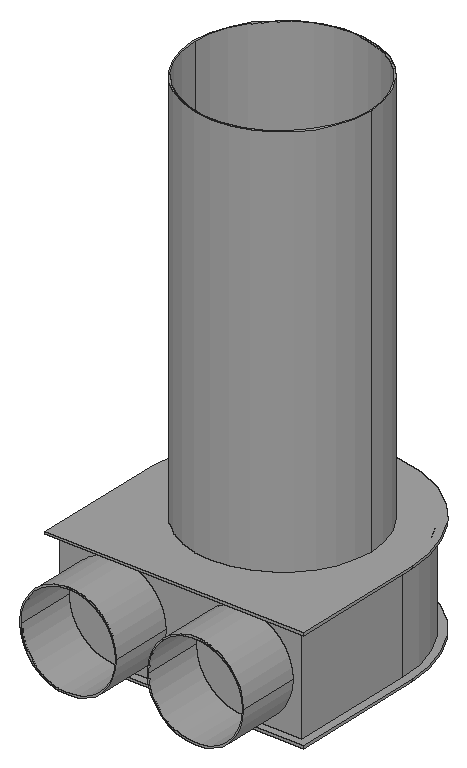
Revit family "CADS_AIRFLOWdev_AirflexPro_Round_90DegFloorOutlet_Supply", category Duct Fittings, Revit 2015
Parameters (values of type "CADS_AIRFLOWdev_AirflexPro_Round_90DegFloorOutlet_Supply")
  f3 [instance] = f - f2  # 0.0 L/s
  f2 [instance] = 0.0 L/s
  f [instance] = 0.0 L/s
  WorkingPressure = 3000.0 Pa
  WeeklyMaintenance = "N/A"
  WarrantyStartDate [instance] = "1900-12-31T23:59:162"
  WarrantyPeriod = "0"
  WarrantyIdentifier = "N/A"
  WarrantyGuarantorParts = "info@airflow.com"
  WarrantyGuarantorLabor = "info@airflow.com"
  WarrantyGuarantor = "Airflow Developments Ltd"
  WarrantyEndDate [instance] = "1900-12-31T23:59:162"
  WarrantyContent = "N/A"
  Uniclass2015 = "Pr_30_59_96_92:Ventilation ducts"
  TemperatureRange = "up to 40°C"
  TagNumber [instance] = "N/A"
  SustainabilityPerformance = "N/A"
  Status = "New"
  Size = "245x 190x  385"
  ShippingWeight = 1.32 kg
  Shape = "Other"
  ServiceLifeType = "EXPECTEDSERVICELIFE"
  ServiceLifeDuration = "10"
  SerialNumber [instance] = "N/A"
  SAPApproval = yes
  RunID = "0"
  ReplacementCost = "71.208"
  Reinforcement = "N/A"
  RedDotDesignAward = no
  QuarterlyMaintenance = "N/A"
  Quantity = 1
  ProductionYear = "2017"
  ProductLiterature = "https://www.airflow.com/pdf/Accessories.pdf#page=3"
  PointOfContact = "Airflow Developments Ltd"
  PassiveHouseApproval = no
  NominalWidth = 190 mm
  NominalLength = 245 mm
  NominalHeight = 385 mm
  NBSCode = "45-80-50/394 Ventilation ducts"
  MonthlyMaintenance = "N/A"
  ModelReference [instance] = "9041142"
  ModelLabel [instance] = "Round 90o floor plenum for use with 9041174"
  Material = "Steel"
  ManufacturerWebsite = "www.airflow.com"
  ManufacturerTelephone = "01494 525252"
  ManufacturerE-Mail = "info@airflow.com"
  ManufacturerAddress = "Aidelle House\nLancaster Road\nCressex Business Park\nHigh Wycombe\nBucks\nHP123QP"
  Manufacturer = "Airflow Developments Ltd"
  MaintenanceRequired8001to12000hrs = "N/A"
  MaintenanceRequired601to1000hrs = "N/A"
  MaintenanceRequired4001to8000hrs = "N/A"
  MaintenanceRequired301to600hrs = "N/A"
  MaintenanceRequired2001to4000hrs = "N/A"
  MaintenanceRequired1001to2000hrs = "N/A"
  MaintenanceRequired0to300hrs = "N/A"
  LongitudinalSeam = "None"
  IsExtendedWarranty = no
  InstallationDate [instance] = "1900-12-31T23:59:162"
  ISO90001 = yes
  ISO140001 = yes
  GrossWeight = 1.10 kg
  Grade = "Stainless"
  GlobalTradeItemNumber [instance] = "5019009305769"
  Fitting Type = "Ignore"
  FireControlPanelLinks = no
  Finish = "Lacquer"
  Features = "Round 90o floor plenum for use with 9041174"
  ExpectedServiceLife = 10
  Exclusions = "N/A"
  DurationUnit = "Year"
  DailyMaintenance = "N/A"
  Constituents = "Round 90o floor plenum for use with 9041174"
  Color = "Silver"
  CodePerformance = "N/A"
  CEApproval = yes
  CADS_Index = 0
  BespokeTimeFrameMaintenance = "N/A"
  AssetType = "FIXED"
  AssetIdentifier [instance] = "N/A"
  AssemblyPlace = "UNKNOWN"
  ArticleNumber [instance] = "N/A"
  AnnualMaintenance = "N/A"
  AirflowRateRange = 18.0 L/s
  AdjustableLengthCheck [instance] = if(AdjustableLength > 310 mm, 310 mm, AdjustableLength)  # 310 mm
  AdjustableLength [instance] = 310 mm
  AccessibilityPerformance = "N/A"
  AF_Body = AF_Grey
  6MonthlyMaintenance = "Visually inspect system, clean the fan and ducting if necessary"
Types (2, lengths in mm): name | WorkingPressure | WeeklyMaintenance | WarrantyStartDate | WarrantyPeriod | WarrantyIdentifier | WarrantyGuarantorParts | WarrantyGuarantorLabor | WarrantyGuarantor | WarrantyEndDate | WarrantyContent | Uniclass2015 | TemperatureRange | TagNumber | SustainabilityPerformance | Status | Size | ShippingWeight | Shape | ServiceLifeType | ServiceLifeDuration | SerialNumber | ReplacementCost | Reinforcement | RedDotDesignAward | QuarterlyMaintenance | Quantity | ProductionYear | ProductLiterature | PointOfContact | PassiveHouseApproval | NominalWidth | NominalLength | NominalHeight | NBSCode | MonthlyMaintenance | ModelReference | ModelLabel | Material | ManufacturerWebsite | ManufacturerTelephone | ManufacturerE-Mail | ManufacturerAddress | MaintenanceRequired8001to12000hrs | MaintenanceRequired601to1000hrs | MaintenanceRequired4001to8000hrs | MaintenanceRequired301to600hrs | MaintenanceRequired2001to4000hrs | MaintenanceRequired1001to2000hrs | MaintenanceRequired0to300hrs | LongitudinalSeam | IsExtendedWarranty | InstallationDate | GrossWeight | Grade | GlobalTradeItemNumber | Fitting Type | FireControlPanelLinks | Finish | Features | ExpectedServiceLife | Exclusions | DurationUnit | DailyMaintenance | Constituents | Color | CodePerformance | BespokeTimeFrameMaintenance | AssetType | AssetIdentifier | AssemblyPlace | ArticleNumber | AnnualMaintenance | AirflowRateRange | AccessibilityPerformance | 6MonthlyMaintenance
  CADS_AIRFLOWdev_AirFlex_Round_WallPlenum | 0.0 Pa | "" | "" | "" | "" | "" | "" | "" | "" | "" | "" | "" | "" | "" | "" | "" | 0.00 kg | "" | "" | "" | "" | "" | "" | yes | "" | 0 | "" | "" | "" | yes | 0 | 0 | 0 | "" | "" | "" | "" | "" | "" | "" | "" | "" | "" | "" | "" | "" | "" | "" | "" | "" | yes | "" | 0.00 kg | "" | "" | "" | yes | "" | "" | 0 | "" | "" | "" | "" | "" | "" | "" | "" | "" | "" | "" | "" | 0.0 L/s | "" | ""
  CADS_AIRFLOWdev_AirflexPro_Round_90DegFloorOutlet_Supply | 3000.0 Pa | "N/A" | "1900-12-31T23:59:162" | "0" | "N/A" | "info@airflow.com" | "info@airflow.com" | "Airflow Developments Ltd" | "1900-12-31T23:59:162" | "N/A" | "Pr_30_59_96_92:Ventilation ducts" | "up to 40°C" | "N/A" | "N/A" | "New" | "245x 190x  385" | 1.32 kg | "Other" | "EXPECTEDSERVICELIFE" | "10" | "N/A" | "71.208" | "N/A" | no | "N/A" | 1 | "2017" | "https://www.airflow.com/pdf/Accessories.pdf#page=3" | "Airflow Developments Ltd" | no | 190 | 245 | 385 | "45-80-50/394 Ventilation ducts" | "N/A" | "9041142" | "Round 90o floor plenum for use with 9041174" | "Steel" | "www.airflow.com" | "01494 525252" | "info@airflow.com" | "Aidelle House\nLancaster Road\nCressex Business Park\nHigh Wycombe\nBucks\nHP123QP" | "N/A" | "N/A" | "N/A" | "N/A" | "N/A" | "N/A" | "N/A" | "None" | no | "1900-12-31T23:59:162" | 1.10 kg | "Stainless" | "5019009305769" | "Ignore" | no | "Lacquer" | "Round 90o floor plenum for use with 9041174" | 10 | "N/A" | "Year" | "N/A" | "Round 90o floor plenum for use with 9041174" | "Silver" | "N/A" | "N/A" | "FIXED" | "N/A" | "UNKNOWN" | "N/A" | "N/A" | 18.0 L/s | "N/A" | "Visually inspect system, clean the fan and ducting if necessary"
Reference planes
  plane 1 "Center (Front/Back)": y = 0
  plane 2: z = 0
  plane 3 "Center (Left/Right)": x = 0
  plane 4: y = -147.5
  plane 5: y = -106
  plane 6: x = -95
  plane 7: x = 95
  plane 8 "CL Spigot": z = -350.5
  plane 9: z = -391
  plane 10: z = -310
Forms (mm)
  Extrusion 1, solid, material "AF_Grey" <- "AF_Body"
    sketch origin (0, 0, -350.5) x (-1, 0, 0) y (0, -1, 0)
      loop
        line (101.5, 0) -> (101.5, 106) -> (-101.5, 106) -> (-101.5, 0)
        arc (-101.5, 0) -> (0, -101.5) -> (101.5, 0) r 101.5
    from -40.5 to 40.5
  Extrusion 2, solid, material "AF_Grey" <- "AF_Body"
    sketch origin (0, 0, -350.5) x (-1, 0, 0) y (0, -1, 0)
      loop
        circle (0, 0) r 70
      loop
        circle (0, 0) r 69
    from 350.5 to 0
  Sweep 3, void
    path in 3D
      loop
        arc (101.5, 0, -310) -> (0, 101.5, -310) -> (-101.5, 0, -310) r 101.5
        line (-101.5, 0, -310) -> (-101.5, -106, -310) -> (101.5, -106, -310) -> (101.5, 0, -310)
    profile origin (101.5, -53, -310) x (-1, 0, 0) y (0, 0, 1)
      loop
        line (0, -1.5) -> (0, -79.5) -> (6.5, -79.5) -> (6.5, -1.5) -> (0, -1.5)
  Extrusion 4, solid, material "AF_Grey" <- "AF_Body"
    sketch origin (-212.663, -106, 1200) x (-1, 0, 0) y (0, 0, 1)
      loop
        circle (-162.663, -1550.5) r 38
      loop
        circle (-262.663, -1550.5) r 38
    from -41.5 to 6.5
  Extrusion 5, void
    sketch origin (-212.663, -99.5, 1200) x (-1, 0, 0) y (0, 0, 1)
      loop
        circle (-162.663, -1550.5) r 37
      loop
        circle (-262.663, -1550.5) r 37
    from -48 to -1.633
Cuts and joins
  Sweep 3 cuts Extrusion 1
  joined: Extrusion 1, Extrusion 2
  Extrusion 5 cuts Extrusion 4
Lines and regions (mm)
  sketch lines
    curve 1: line (101.5, -106, -310) -> (101.5, 0, -310)
    curve 2: arc (-101.5, 0, -310) -> (0, 101.5, -310) -> (101.5, 0, -310) r 101.5
    curve 3: line (-101.5, 0, -310) -> (-101.5, -106, -310)
    curve 4: line (-101.5, -106, -310) -> (101.5, -106, -310)
Dimensions and locks
  plane 10 to plane 8 "CL Spigot" to plane 9 = 40.5 mm locked, 40.5 mm locked
  "AdjustableLengthCheck": plane 2 to plane 10
  Extrusion 4 sketch curve to plane 3 "Center (Left/Right)" to Extrusion 4 sketch curve = 50 mm locked, 50 mm locked
  aligned and locked: level to plane 2
  aligned and locked: level to Extrusion 2
  aligned and locked: Extrusion 2 to plane 8 "CL Spigot"
  aligned and locked: cut or joined group of Extrusion 1, Extrusion 2, Sweep 3 to Extrusion 4
  aligned and locked: Extrusion 4 to plane 4
  aligned and locked: Extrusion 5 to plane 4
Automatic sketch dimensions
  Extrusion 1 sketch curve to plane 5 = 0 mm
  plane 7 to Extrusion 1 sketch curve = 6.5 mm
  plane 1 "Center (Front/Back)" to Extrusion 1 sketch curve = 0 mm
  Extrusion 1 sketch curve to plane 3 "Center (Left/Right)" = 0 mm
  plane 1 "Center (Front/Back)" to Extrusion 2 sketch curve = 0 mm
  Extrusion 2 sketch curve to plane 3 "Center (Left/Right)" = 0 mm
  Extrusion 4 sketch curve to plane 8 "CL Spigot" = 0 mm  (x2)
  Sweep 3 sketch curve to profile plane = 0 mm
  Sweep 3 sketch curve to profile plane = 6.5 mm
  Sweep 3 sketch curve to profile plane = 79.5 mm
  Sweep 3 sketch curve to profile plane = 1.5 mm
  radius of Extrusion 2 sketch curve = 70 mm
  radius of Extrusion 5 sketch curve to Extrusion 4 = 1 mm  (x2)
  radius of Extrusion 4 sketch curve = 38 mm  (x2)
Connectors
  hvac at (0, 0, 0), driven by "f"
    settings: on cut or joined group of Extrusion 1, Extrusion 2, Sweep 3, index 1, duct flow 0.0 L/s, flow factor 0, pres drop 0.0 Pa, loss coef 0, conn angle 0.00°, conn width 304.8 mm, conn height 304.8 mm, conn diameter 140 mm, duct sys type 1, conn prof type 0, flow config 0, flow direction 2, loss method 0, conn ref index -1, conn util no, is conn primary yes, conn desc ""
  hvac at (-50, -101.133, -350.5), driven by "f2"
    settings: on cut or joined group of Extrusion 4, Extrusion 5, index 2, duct flow 0.0 L/s, flow factor 0, pres drop 0.0 Pa, loss coef 0, conn angle 0.00°, conn width 304.8 mm, conn height 304.8 mm, conn diameter 75 mm, duct sys type 1, conn prof type 0, flow config 0, flow direction 1, loss method 0, conn ref index -1, conn util no, is conn primary no, conn desc ""
  hvac at (50, -101.133, -350.5), driven by "f3"
    settings: on cut or joined group of Extrusion 4, Extrusion 5, index 3, duct flow 0.0 L/s, flow factor 0, pres drop 0.0 Pa, loss coef 0, conn angle 0.00°, conn width 304.8 mm, conn height 304.8 mm, conn diameter 75 mm, duct sys type 1, conn prof type 0, flow config 0, flow direction 1, loss method 0, conn ref index -1, conn util no, is conn primary no, conn desc ""
